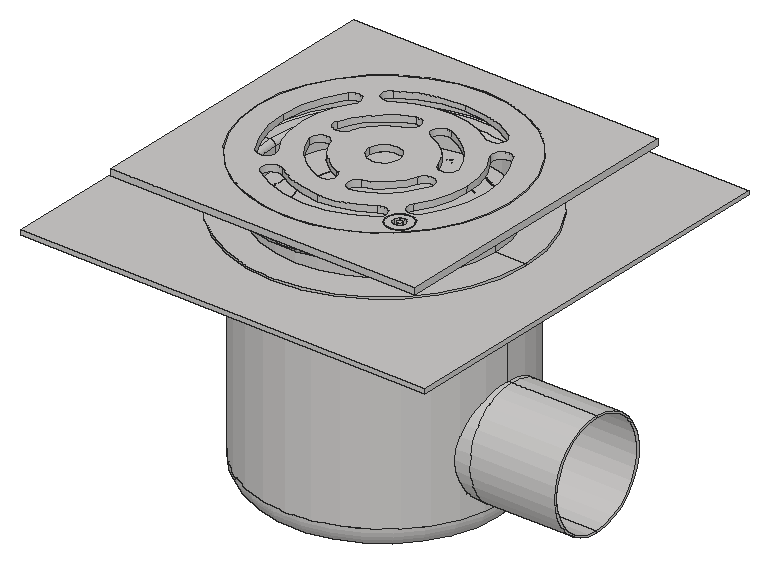
Revit family "PX_FD_HERBISH SLOTS PC HB125HADJ", category Plumbing Fixtures, Revit 2015
Parameters (values of type "HERBISH HB125HADJ - Slots")
  URL = "www.tcpbim.co.za"
  Stainless Steel = Stainless Steel
  Notes = "The Herbish® HB 125 H is a unique Full Flow Floor Drain with the following features: \r\n• Manufactured in Stainless Steel to ensure acid corrosion and stain resistance. \r\n• A 70mm water seal to ensure an odour-free operation. \r\n• Smooth surfaces for easy cleaning. \r\n• Minimum dirt collection and high flow rates.\r\n• Easy to dismantle for cleaning, discharge pipe becomes fully accessible"
  Created by = "Tolani civil Projects cc"
Reference planes
  plane 1 "Center (Front/Back)": y = 0
  plane 2: z = 0
  plane 3 "Center (Left/Right)": x = 0
  plane 4: z = -77.987
  plane 5: x = 55.022
  plane 6: x = 105.022
Forms (mm)
  Revolve 1, solid, material "Stainless Steel" <- "Stainless Steel"
    sketch origin (0, 0, 0) x (1, 0, 0) y (0, 0, 1)
      loop
        arc (-50.002, -114.987) -> (-57.073, -112.058) -> (-60.002, -104.987) r 10
        line (-60.002, -104.987) -> (-60.002, -0.01) -> (-60.902, -0.01) -> (-60.902, -104.987)
        arc (-60.902, -104.987) -> (-57.709, -112.695) -> (-50.002, -115.887) r 10.9
        line (-50.002, -115.887) -> (0, -115.887) -> (0, -114.987) -> (-50.002, -114.987)
      loop
        line (-24.1, -86.663) -> (-24.1, -10.455)
        arc (-24.1, -10.455) -> (-28.331, -1.596) -> (-37.467, 2) r 13.4
        line (-37.467, 2) -> (-46.767, 2)
        arc (-46.767, 2) -> (-48.267, 0.5) -> (-46.767, -1) r 1.5
        line (-46.767, -1) -> (-45.267, -1) -> (-45.267, -0.1) -> (-46.767, -0.1)
        arc (-46.767, -0.1) -> (-47.367, 0.5) -> (-46.767, 1.1) r 0.6
        line (-46.767, 1.1) -> (-37.467, 1.1)
        arc (-37.467, 1.1) -> (-28.956, -2.244) -> (-25, -10.488) r 12.5
        line (-25, -10.488) -> (-25, -86.663) -> (-24.1, -86.663)
      loop
        line (0, -96.657) -> (0, -95.657) -> (-19.937, -95.657)
        arc (-19.937, -95.657) -> (-31.649, -90.806) -> (-36.5, -79.095) r 16.563
        line (-36.5, -79.095) -> (-36.5, -11.661) -> (-37.5, -11.661) -> (-37.5, -79.095)
        arc (-37.5, -79.095) -> (-32.356, -91.513) -> (-19.937, -96.657) r 17.563
        line (-19.937, -96.657) -> (0, -96.657)
      loop
        arc (-54.099, -12) -> (-53.514, -10.586) -> (-52.099, -10) r 2
        arc (-52.099, -10) -> (-49.978, -9.121) -> (-49.099, -7) r 3
        line (-49.099, -7) -> (-49.099, -6)
        arc (-49.099, -6) -> (-49.978, -3.879) -> (-52.1, -3) r 3
        arc (-52.1, -3) -> (-53.514, -2.414) -> (-54.1, -1) r 2
        line (-54.1, -1) -> (-54.1, 11.6)
        arc (-54.1, 11.6) -> (-54.803, 13.297) -> (-56.5, 14) r 2.4
        line (-56.5, 14) -> (-61.75, 14)
        arc (-61.75, 14) -> (-62.104, 14.146) -> (-62.25, 14.5) r 0.5
        line (-62.25, 14.5) -> (-62.25, 24) -> (-63.15, 24) -> (-63.15, 14.5)
        arc (-63.15, 14.5) -> (-62.74, 13.51) -> (-61.75, 13.1) r 1.4
        line (-61.75, 13.1) -> (-56.5, 13.1)
        arc (-56.5, 13.1) -> (-55.439, 12.661) -> (-55, 11.6) r 1.5
        line (-55, 11.6) -> (-55, 3) -> (-70, 3) -> (-70, 2) -> (-55, 2) -> (-55, -1)
        arc (-55, -1) -> (-54.15, -3.051) -> (-52.1, -3.9) r 2.9
        arc (-52.1, -3.9) -> (-50.615, -4.515) -> (-49.999, -6) r 2.1
        line (-49.999, -6) -> (-49.999, -7)
        arc (-49.999, -7) -> (-50.614, -8.485) -> (-52.099, -9.1) r 2.1
        arc (-52.099, -9.1) -> (-54.15, -9.949) -> (-54.999, -12) r 2.9
        line (-54.999, -12) -> (-54.999, -60.77) -> (-54.099, -60.77) -> (-54.099, -12)
      axis (0, 24) -> (0, -115.887)
    angle from 0 to 360
  Revolve 2, solid, material "Stainless Steel" <- "Stainless Steel"
    sketch origin (0, 0, 0) x (1, 0, 0) y (0, 0, 1)
      loop
        line (105.022, -52.987) -> (105.022, -52.087) -> (62.898, -52.087) -> (55.022, -52.087) -> (55.022, -52.987) -> (62.898, -52.987) -> (105.022, -52.987)
      axis (55.022, -77.987) -> (105.022, -77.987)
    angle from 0 to 360
  Extrusion 3, void
    sketch origin (0, 0, 0) x (0, 1, 0) y (0, 0, 1)
      loop
        circle (0, -77.987) r 25
    from 55.022 to 105.022
  Extrusion 4, solid, material "Stainless Steel" <- "Stainless Steel"
    sketch origin (1290.05, 64.76, 0) x (1, 0, 0) y (0, 1, 0)
      loop
        circle (-1290.05, -64.76) r 62
      loop
        circle (-1290.05, -64.76) r 62.5
      loop
        line (-1365.05, 10.24) -> (-1365.05, -139.76) -> (-1215.05, -139.76) -> (-1215.05, 10.24) -> (-1365.05, 10.24)
      loop
        circle (-1251.867, -102.943) r 6.5
      loop
        circle (-1251.867, -102.943) r 6.002
      loop
        circle (-1251.867, -102.943) r 3
      loop
        circle (-1251.867, -102.943) r 1.25
      loop
        arc (-1261.371, -105.717) -> (-1260.266, -99.45) -> (-1266.534, -98.345) r 4.5
        arc (-1266.534, -98.345) -> (-1277.721, -103.862) -> (-1290.05, -105.76) r 41
        arc (-1290.05, -105.76) -> (-1302.379, -103.862) -> (-1313.567, -98.345) r 41
        arc (-1313.567, -98.345) -> (-1319.834, -99.45) -> (-1318.729, -105.717) r 4.5
        arc (-1318.729, -105.717) -> (-1305.086, -112.446) -> (-1290.05, -114.76) r 50
        arc (-1290.05, -114.76) -> (-1275.015, -112.446) -> (-1261.371, -105.717) r 50
      loop
        arc (-1256.465, -88.276) -> (-1255.36, -94.544) -> (-1249.093, -93.438) r 4.5
        arc (-1249.093, -93.438) -> (-1242.364, -79.795) -> (-1240.05, -64.76) r 50
        arc (-1240.05, -64.76) -> (-1242.364, -49.724) -> (-1249.093, -36.081) r 50
        arc (-1249.093, -36.081) -> (-1255.36, -34.976) -> (-1256.465, -41.243) r 4.5
        arc (-1256.465, -41.243) -> (-1250.948, -52.431) -> (-1249.05, -64.76) r 41
        arc (-1249.05, -64.76) -> (-1250.948, -77.089) -> (-1256.465, -88.276) r 41
      loop
        arc (-1281.374, -95.019) -> (-1268.087, -86.637) -> (-1259.805, -73.289) r 35
        arc (-1259.805, -73.289) -> (-1262.92, -67.725) -> (-1268.484, -70.841) r 4.509
        arc (-1268.484, -70.841) -> (-1274.465, -80.287) -> (-1283.86, -86.349) r 26
        arc (-1283.86, -86.349) -> (-1286.952, -91.927) -> (-1281.374, -95.019) r 4.51
      loop
        arc (-1320.31, -73.436) -> (-1311.928, -86.723) -> (-1298.579, -95.005) r 35
        arc (-1298.579, -95.005) -> (-1293.016, -91.889) -> (-1296.132, -86.326) r 4.509
        arc (-1296.132, -86.326) -> (-1305.578, -80.345) -> (-1311.639, -70.95) r 26
        arc (-1311.639, -70.95) -> (-1317.217, -67.858) -> (-1320.31, -73.436) r 4.51
      loop
        arc (-1320.296, -56.231) -> (-1317.18, -61.794) -> (-1311.617, -58.678) r 4.509
        arc (-1311.617, -58.678) -> (-1305.636, -49.232) -> (-1296.241, -43.171) r 26
        arc (-1296.241, -43.171) -> (-1293.149, -37.593) -> (-1298.727, -34.5) r 4.51
        arc (-1298.727, -34.5) -> (-1312.014, -42.882) -> (-1320.296, -56.231) r 35
      loop
        circle (-1290.05, -64.76) r 7.5
      loop
        arc (-1283.969, -43.193) -> (-1274.523, -49.174) -> (-1268.461, -58.569) r 26
        arc (-1268.461, -58.569) -> (-1262.883, -61.661) -> (-1259.791, -56.083) r 4.51
        arc (-1259.791, -56.083) -> (-1268.173, -42.796) -> (-1281.521, -34.514) r 35
        arc (-1281.521, -34.514) -> (-1287.085, -37.63) -> (-1283.969, -43.193) r 4.509
      loop
        arc (-1313.567, -31.174) -> (-1302.379, -25.657) -> (-1290.05, -23.76) r 41
        arc (-1290.05, -23.76) -> (-1277.721, -25.657) -> (-1266.534, -31.174) r 41
        arc (-1266.534, -31.174) -> (-1260.266, -30.069) -> (-1261.371, -23.802) r 4.5
        arc (-1261.371, -23.802) -> (-1275.015, -17.074) -> (-1290.05, -14.76) r 50
        arc (-1290.05, -14.76) -> (-1305.086, -17.074) -> (-1318.729, -23.802) r 50
        arc (-1318.729, -23.802) -> (-1319.834, -30.069) -> (-1313.567, -31.174) r 4.5
      loop
        arc (-1323.636, -41.243) -> (-1324.741, -34.976) -> (-1331.008, -36.081) r 4.5
        arc (-1331.008, -36.081) -> (-1337.736, -49.724) -> (-1340.05, -64.76) r 50
        arc (-1340.05, -64.76) -> (-1337.736, -79.795) -> (-1331.008, -93.438) r 50
        arc (-1331.008, -93.438) -> (-1324.741, -94.544) -> (-1323.636, -88.276) r 4.5
        arc (-1323.636, -88.276) -> (-1329.153, -77.089) -> (-1331.05, -64.76) r 41
        arc (-1331.05, -64.76) -> (-1329.153, -52.431) -> (-1323.636, -41.243) r 41
    from 24.017 to 27.024
  Extrusion 5, solid, material "Stainless Steel" <- "Stainless Steel"
    sketch origin (-2.456, -183.329, 0) x (1, 0, 0) y (0, 1, 0)
      loop
        line (-97.544, 283.329) -> (-97.544, 83.329) -> (102.456, 83.329) -> (102.456, 283.329) -> (-97.544, 283.329)
    from 0 to 2
Cuts and joins
  Extrusion 3 cuts Revolve 2
  Extrusion 3 cuts Revolve 1
Dimensions and locks
  locked: Revolve 2 sketch curve to plane 4 at 25
  locked: level to plane 4 at 77.987
  plane 6 to plane 5 to plane 3 "Center (Left/Right)" = 50 mm locked, 55.022 mm locked
  aligned and locked: level to plane 2
  aligned and locked: Revolve 1 sketch curve to plane 3 "Center (Left/Right)"
  aligned and locked: Revolve 2 sketch curve to plane 4
  aligned and locked: Extrusion 3 sketch curve to Revolve 2  (x2)
  aligned and locked: Revolve 2 sketch curve to plane 5
  aligned and locked: plane 6 to Revolve 2 sketch curve
  aligned and locked: cut or joined group of Revolve 2, Extrusion 3 to Extrusion 3
  aligned and locked: Extrusion 3 to cut or joined group of Revolve 2, Extrusion 3
Connectors
  piping at (105.022, 0, -77.987), diameter 50
    settings: on cut or joined group of Revolve 2, Extrusion 3, index 2, connector inside diameter 609.6 mm, connector length 0 mm, flow factor 0, pipe flow 0.0 L/s, pressure drop 0.0 Pa, fitting loss kfactor 0, connector angle 0.00°, fixture units 0, engagement length 0 mm, angle of deflection 0.00°, flow configuration 0, flow direction 0, fitting loss method 0, system type 16, joint type 0, gender type 0, connector reference index -1, connector utility 0, adjustable connector no, is connector primary yes, connector description ""
